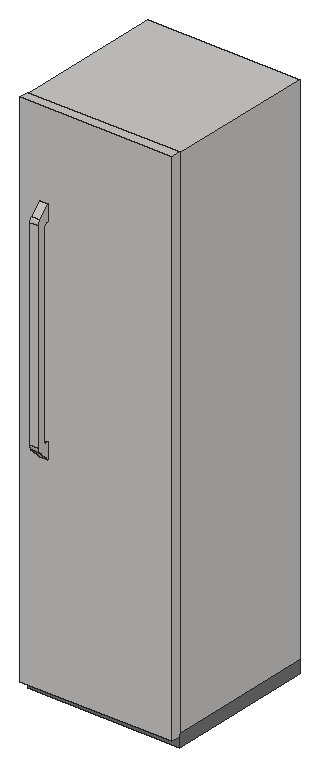
Revit family "DRZ24980RAP", category Specialty Equipment, Revit 2014
Parameters (values of type "DRZ24980RAP")
  Width = 23 3/4"
  Volts (V) = "115"
  Unit = Stainless Steel
  Total Unit Gross Capacity (cu.ft.) - AHAM = "13.6 cu. ft."
  Support = Plastic-Black
  Special Modes = "Sabbath Mode"
  Shelf Material = "Tempered, Metal Trim, Spill-Proof"
  Refrigerator Gross Capacity (cu.ft.) = "13.6 cu. ft."
  Push-To-Open™ Door Assist = "Yes"
  Precise Cooling = "Yes"
  Power Freeze = "Yes"
  Power Cord Length (in.) = "78 3/4\""
  Plug Type = "120 V, 3 Prong"
  Panel Ready = "Yes"
  Model = "DRZ24980RAP"
  Manufacturer = "Dacor"
  Lighting = "3DLighting™"
  Interior Material = "SteelCool™ Stainless Steel Interior"
  Ice Maker = "Dual Icemaker for Standard and Cocktail Ice™"
  Hidden Compartment with Flip-up cover = "1 ea"
  Height = 83 3/8"
  Handle = Stainless Steel
  Full Width Shelves = "3 ea"
  Full Extension Drawers at 90º Door Opening Angle = "Yes"
  Frequency (Hz) = "60"
  Freezer Drawer = "2 ea"
  Freezer - Power Freeze = "-8° (-23°)"
  Freezer = "5°(-15°) to -8° (-23°)"
  ENERGY STAR® Qualified = "Yes"
  Door Swing = "Right"
  Door Open Alarm = "Yes"
  Door Bins = "4 ea"
  Door = Stainless Steel
  Description = "24-INCH FREEZER COLUMN, RIGHT-HINGE"
  Depth = 25"
  Defrost Process = "Frost-Free"
  Dedicated Evaporator & Compressor System = "Yes"
  Current (A) = "3"
  Annual Energy Consumption = "500 kWy/year"
Reference planes (in)
  plane 1 "Center (Front/Back)": y = 0
  plane 2: z = 0
  plane 3 "Center (Left/Right)": x = 0
  plane 4: y = 12.5
  plane 5: y = -12.5
  plane 6: x = -11.875
  plane 7: x = 11.875
  plane 8: z = 83.375
  plane 9: z = 2
  plane 10: y = -14.375
  plane 11: y = -11
Forms (in)
  Extrusion 1, solid, material "Stainless Steel" <- "Unit"
    sketch origin (0, 0, 0) x (1, 0, 0) y (0, 1, 0)
      loop
        line (-11.875, -11) -> (-10.875, -11) -> (-10.875, 11.375) -> (10.875, 11.375) -> (10.875, -11) -> (11.875, -11) -> (11.875, 12.5) -> (-11.875, 12.5) -> (-11.875, -11)
    from 2 to 83.375
  Extrusion 2, solid, material "Stainless Steel" <- "Handle"
    sketch origin (0, 0, 0) x (1, 0, 0) y (0, 0, 1)
      loop
        line (-11.875, 1.57503) -> (11.875, 1.57503) -> (11.875, 83.5) -> (-11.875, 83.5) -> (-11.875, 1.57503)
    from 11 to 12.5
  Extrusion 3, solid, material "Plastic-Black" <- "Support"
    sketch origin (0, 0, 0) x (0, 1, 0) y (0, 0, 1)
      loop
        line (12.5, 2) -> (-11, 2) -> (-11, 0) -> (12.5, 0) -> (12.5, 2)
    from -11.875 to 11.875
  Extrusion 4, solid, material "Stainless Steel" <- "Unit"
    sketch origin (0, 0, 83.375) x (1, 0, 0) y (0, 1, 0)
      loop
        line (-10.875, 11.375) -> (-10.875, -11) -> (10.875, -11) -> (10.875, 11.375) -> (-10.875, 11.375)
    from 0 to -1.14126
  Extrusion 5, solid, material "Stainless Steel" <- "Handle"
    sketch origin (-0.25, 0, 0) x (0, 1, 0) y (0, 0, 1)
      loop
        line (-12.5, 70.125) -> (-14.08211, 68.54289)
        arc (-14.08211, 68.54289) -> (-14.29888, 68.21847) -> (-14.375, 67.83579) r 1
        line (-14.375, 67.83579) -> (-14.375, 64.9375) -> (-13.4375, 64.9375) -> (-13.4375, 67.1875) -> (-12.96875, 67.65625) -> (-12.5, 67.65625) -> (-12.5, 70.125)
    from -8.55491 to -7.21363
  Extrusion 6, solid, material "Stainless Steel" <- "Handle"
    sketch origin (-0.25, 0, 104.5) x (0, 1, 0) y (0, 0, 1)
      loop
        line (-12.5, -70.25) -> (-12.5, -67.78125) -> (-12.96875, -67.78125) -> (-13.4375, -67.3125) -> (-13.4375, -65.0625) -> (-14.375, -65.0625) -> (-14.375, -67.85723)
        arc (-14.375, -67.85723) -> (-14.27985, -68.33559) -> (-14.00888, -68.74112) r 1.25
        line (-14.00888, -68.74112) -> (-12.5, -70.25)
    from -8.55491 to -7.21363
  Extrusion 7, solid, material "Stainless Steel" <- "Handle"
    sketch origin (1, 0, 0) x (1, 0, 0) y (0, 1, 0)
      loop
        line (-9.80491, -13.4375) -> (-9.80491, -14.375) -> (-8.46363, -14.375) -> (-8.46363, -13.4375) -> (-9.80491, -13.4375)
    from 65.0625 to 39.4375
Cuts and joins
  joined: Extrusion 1, Extrusion 4
  joined: Extrusion 5, Extrusion 6, Extrusion 7
Dimensions and locks (in)
  equal spacing: plane 6, plane 3 "Center (Left/Right)", plane 7
  "Width": plane 6 to plane 7
  equal spacing: plane 4, plane 1 "Center (Front/Back)", plane 5
  "Depth": plane 4 to plane 5
  "Height": plane 8 to plane 2
  plane 9 to plane 2 = 2"
  plane 5 to plane 10 = 1 7/8"
  plane 11 to plane 5 = 1 1/2"
  Extrusion 3 to Extrusion 3 = 23 3/4"
  Extrusion 2 to Extrusion 3 = 25"
  Extrusion 3 to cut or joined group of Extrusion 1, Extrusion 4 = 83 3/8"
  aligned and locked: level to plane 2
  aligned and locked: Extrusion 3 to plane 6
  aligned and locked: plane 7 to Extrusion 3
  aligned and locked: plane 8 to Extrusion 1
Automatic sketch dimensions
  Extrusion 1 sketch curve to plane 6 = 0"
  Extrusion 1 sketch curve to plane 11 = 0"  (x2)
  Extrusion 1 sketch curve to plane 7 = 0"
  Extrusion 1 sketch curve to plane 4 = 0"
  Extrusion 1 sketch curve to Extrusion 1 sketch curve = 1"
  Extrusion 1 sketch curve to plane 7 = 1"
  Extrusion 1 sketch curve to plane 4 = 1 1/8"
  Extrusion 2 sketch curve to plane 6 = 0"
  Extrusion 2 sketch curve to plane 7 = 0"
  Extrusion 2 sketch curve to plane 9 = 0.42497"
  plane 8 to Extrusion 2 sketch curve = 1/8"
  Extrusion 3 sketch curve to plane 9 = 0"
  Extrusion 3 sketch curve to plane 11 = 0"
  Extrusion 3 sketch curve to level = 0"
  Extrusion 3 sketch curve to plane 4 = 0"
  Extrusion 1 to Extrusion 4 sketch curve = 0"  (x2)
  Extrusion 4 sketch curve to Extrusion 1 = 0"  (x2)
  Extrusion 5 sketch curve to plane 10 = 0"
  Extrusion 5 sketch curve to plane 5 = 0"
  Extrusion 5 sketch curve to plane 10 = 0.29289"
  Extrusion 5 sketch curve to plane 5 = 15/16"
  Extrusion 5 sketch curve to Extrusion 5 sketch curve = 1/16"
  Extrusion 5 sketch curve to Extrusion 5 sketch curve = 13/32"
  Extrusion 5 sketch curve to plane 8 = 18 7/16"
  Extrusion 5 sketch curve to Extrusion 5 sketch curve = 2 1/4"
  Extrusion 5 sketch curve to Extrusion 5 sketch curve = 15/32"
  Extrusion 5 sketch curve to Extrusion 5 sketch curve = 0.64829"
  Extrusion 5 sketch curve to Extrusion 5 sketch curve = 1.58211"
  Extrusion 6 sketch curve to plane 10 = 0"
  Extrusion 6 sketch curve to plane 5 = 0"
  Extrusion 6 sketch curve to plane 10 = 0.36612"
  Extrusion 6 sketch curve to plane 5 = 15/16"
  Extrusion 6 sketch curve to plane 5 = 5/8"
  Extrusion 6 sketch curve to Extrusion 6 sketch curve = 5/32"
  plane 9 to Extrusion 6 sketch curve = 32 1/4"
  Extrusion 6 sketch curve to Extrusion 6 sketch curve = 1.50888"
  Extrusion 6 sketch curve to Extrusion 6 sketch curve = 0.07598"
  Extrusion 6 sketch curve to Extrusion 6 sketch curve = 0.54473"
  Extrusion 6 sketch curve to Extrusion 6 sketch curve = 2 1/4"
  plane 10 to Extrusion 7 sketch curve = 0"
  plane 6 to Extrusion 7 sketch curve = 3.07009"
  Extrusion 7 sketch curve to Extrusion 7 sketch curve = 1.34127"
  Extrusion 7 sketch curve to plane 5 = 15/16"
